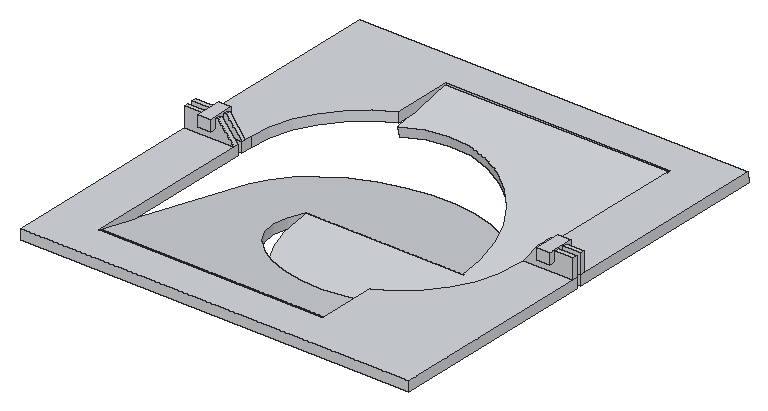
Revit family "Panel Juan-R1", category Generic Models, host Ceiling, Revit 2021
Family settings
  Host = Ceiling
  Can host rebar = No
  Round Connector Dimension = Use Diameter
  Part Type = Normal
  Always vertical = Yes
  Cut with Voids When Loaded = Yes
  Shared = No
  Room Calculation Point = No
Parameters
  width = 1' - 11 3/4"
  height = 0' - 0 77/128"
  Length = 2' - 2"
  Default Elevation = 0' - 0"
Reference planes (in)
  plane 1 "Center (Front/Back)": y = 0
  plane 2 "Ceiling": z = 96
  plane 3 "Center (Left/Right)": x = 0
  plane 4: z = 95.39844
  plane 5: y = 13
  plane 6: y = -13
  plane 7: x = -11.875
  plane 8: x = 11.875
  plane 9: z = 94.79688
  plane 10: y = 0
  plane 11: z = 97.80469
  plane 12: y = 0.15
  plane 13: y = -0.15
  plane 14: z = 97.20312
  plane 15: z = 96.60156
  plane 16: z = 97.26312
Forms (in)
  Blend 1, solid
    base sketch origin (0, 0, 96.60156) x (1, 0, 0) y (0, 1, 0)
      loop
        line (-11.875, -0.14922) -> (-11.875, -13) -> (11.875, -13) -> (11.875, -0.14922) -> (8.87036, -0.14922) -> (8.87036, -0.87595)
        arc (8.87036, -0.87595) -> (7.77122, -4.60515) -> (4.82522, -7.1421) r 6.87588
        line (4.82522, -7.1421) -> (4.82522, -10.76897) -> (-8.87036, -10.76897) -> (-8.87036, -0.14922) -> (-11.875, -0.14922)
    top sketch origin (0, 0, 96.60156) x (1, 0, 0) y (0, 1, 0)
      loop
        line (8.87036, -0.14922) -> (8.87036, -0.87595)
        arc (8.87036, -0.87595) -> (7.77122, -4.60515) -> (4.82522, -7.1421) r 6.87588
        line (4.82522, -7.1421) -> (4.82522, -10.76897) -> (-8.87036, -10.76897) -> (-8.87036, -0.14922) -> (-11.875, -0.14922) -> (-11.875, -13) -> (11.875, -13) -> (11.875, -0.14922) -> (8.87036, -0.14922)
    from -1.20313 to -0.60156
  Blend 2, solid
    base sketch origin (0, 0, 96.60156) x (-1, 0, 0) y (0, -1, 0)
      loop
        line (-11.875, -0.15) -> (-11.875, -13) -> (11.875, -13) -> (11.875, -0.15) -> (8.87036, -0.15) -> (8.87036, -0.87595)
        arc (8.87036, -0.87595) -> (7.77122, -4.60515) -> (4.82522, -7.1421) r 6.87588
        line (4.82522, -7.1421) -> (4.82522, -10.76897) -> (-8.87036, -10.76897) -> (-8.87036, -0.15) -> (-11.875, -0.15)
    top sketch origin (0, 0, 96.60156) x (-1, 0, 0) y (0, -1, 0)
      loop
        line (8.87036, -0.15) -> (8.87036, -0.87595)
        arc (8.87036, -0.87595) -> (7.77122, -4.60515) -> (4.82522, -7.1421) r 6.87588
        line (4.82522, -7.1421) -> (4.82522, -10.76897) -> (-8.87036, -10.76897) -> (-8.87036, -0.15) -> (-11.875, -0.15) -> (-11.875, -13) -> (11.875, -13) -> (11.875, -0.15) -> (8.87036, -0.15)
    from -1.20313 to -0.60156
  Blend 3, solid
    base sketch origin (0, 0.00514, 94.24221) x (1, 0, 0) y (0, 0.976296, -0.21644)
      loop
        line (-4.80404, 0.1525) -> (4.84323, 0.1525)
        arc (4.84323, 0.1525) -> (-1.63226, 7.74228) -> (-8.87036, 0.87595) r 6.87588
        line (-8.87036, 0.87595) -> (-8.87036, -10.76897) -> (4.82522, -10.76897) -> (4.82522, -7.1421)
        arc (4.82522, -7.1421) -> (-2.15746, -6.35674) -> (-4.80404, 0.1525) r 6.87588
    top sketch origin (0, 0.00514, 94.24221) x (1, 0, 0) y (0, 0.976296, -0.21644)
      loop
        arc (4.85494, 0.27344) -> (-1.69294, 7.74521) -> (-8.87036, 0.87595) r 6.87588
        line (-8.87036, 0.87595) -> (-8.87036, -10.76897) -> (4.82522, -10.76897) -> (4.82522, -7.1421)
        arc (4.82522, -7.1421) -> (-2.20611, -6.31954) -> (-4.78464, 0.27344) r 6.87588
        line (-4.78464, 0.27344) -> (4.85494, 0.27344)
    from -0.60156 to -1.20313
  Blend 4, solid
    base sketch origin (0, -0.00514, 94.24221) x (-1, 0, 0) y (0, -0.976296, -0.21644)
      loop
        line (-4.80404, 0.1525) -> (4.84323, 0.1525)
        arc (4.84323, 0.1525) -> (-1.63226, 7.74228) -> (-8.87036, 0.87595) r 6.87588
        line (-8.87036, 0.87595) -> (-8.87036, -10.76897) -> (4.82522, -10.76897) -> (4.82522, -7.1421)
        arc (4.82522, -7.1421) -> (-2.15746, -6.35674) -> (-4.80404, 0.1525) r 6.87588
    top sketch origin (0, -0.00514, 94.24221) x (-1, 0, 0) y (0, -0.976296, -0.21644)
      loop
        arc (4.85494, 0.27344) -> (-1.69294, 7.74521) -> (-8.87036, 0.87595) r 6.87588
        line (-8.87036, 0.87595) -> (-8.87036, -10.76897) -> (4.82522, -10.76897) -> (4.82522, -7.1421)
        arc (4.82522, -7.1421) -> (-2.20611, -6.31954) -> (-4.78464, 0.27344) r 6.87588
        line (-4.78464, 0.27344) -> (4.85494, 0.27344)
    from -0.60156 to -1.20313
  Extrusion 5, solid
    sketch origin (0, 0, 0) x (1, 0, 0) y (0, 1, 0)
      loop
        line (-10.7551, 0.80253) -> (-10.7551, -0.80253) -> (-10.0051, -0.80253) -> (-10.0051, 0.80253) -> (-10.7551, 0.80253)
    from 96.60156 to 97.26312
  Extrusion 6, solid
    sketch origin (20.74536, 0, 0) x (1, 0, 0) y (0, 1, 0)
      loop
        line (-10.7551, 0.80253) -> (-10.7551, -0.80253) -> (-10.0051, -0.80253) -> (-10.0051, 0.80253) -> (-10.7551, 0.80253)
    from 96.60156 to 97.26312
  Blend 7, solid
    base sketch origin (0, 0, 0) x (-1, 0, 0) y (0, -1, 0)
      loop
        line (-11.875, -0.45) -> (-8.87036, -0.45) -> (-8.87036, -0.15) -> (-11.875, -0.15) -> (-11.875, -0.45)
    top sketch origin (0, 0, 0) x (-1, 0, 0) y (0, -1, 0)
      loop
        line (-9.84182, -0.45) -> (-9.84182, -0.15) -> (-11.875, -0.15) -> (-11.875, -0.45) -> (-9.84182, -0.45)
    from 96 to 97.20312
  Blend 8, solid
    base sketch origin (0, -0.59922, 0) x (-1, 0, 0) y (0, -1, 0)
      loop
        line (-11.875, -0.45) -> (-8.87036, -0.45) -> (-8.87036, -0.15) -> (-11.875, -0.15) -> (-11.875, -0.45)
    top sketch origin (0, -0.59922, 0) x (-1, 0, 0) y (0, -1, 0)
      loop
        line (-9.84182, -0.45) -> (-9.84182, -0.15) -> (-11.875, -0.15) -> (-11.875, -0.45) -> (-9.84182, -0.45)
    from 96 to 97.20312
  Blend 9, solid
    base sketch origin (0, 0, 0) x (1, 0, 0) y (0, 1, 0)
      loop
        line (-11.875, 0.45) -> (-11.875, 0.15) -> (-8.87036, 0.15) -> (-8.87036, 0.45) -> (-11.875, 0.45)
    top sketch origin (0, 0, 0) x (1, 0, 0) y (0, 1, 0)
      loop
        line (-9.84182, 0.45) -> (-11.875, 0.45) -> (-11.875, 0.15) -> (-9.84182, 0.15) -> (-9.84182, 0.45)
    from 96 to 97.20312
  Blend 10, solid
    base sketch origin (0, -0.59922, 0) x (1, 0, 0) y (0, 1, 0)
      loop
        line (-11.875, 0.45) -> (-11.875, 0.15) -> (-8.87036, 0.15) -> (-8.87036, 0.45) -> (-11.875, 0.45)
    top sketch origin (0, -0.59922, 0) x (1, 0, 0) y (0, 1, 0)
      loop
        line (-9.84182, 0.45) -> (-11.875, 0.45) -> (-11.875, 0.15) -> (-9.84182, 0.15) -> (-9.84182, 0.45)
    from 96 to 97.20312
Dimensions and locks (in)
  equal spacing: host sketch curve, plane 3 "Center (Left/Right)", host sketch curve
  equal spacing: host sketch curve, plane 1 "Center (Front/Back)", host sketch curve
  host sketch curve to host sketch curve = 10' - 0"  (x2)
  "Length": plane 5 to plane 6
  "width": plane 7 to plane 8
  "height": plane 2 "Ceiling" to plane 4 to plane 9
Automatic sketch dimensions
  Blend 1 sketch curve to plane 6 = 0' - 0"  (x2)
  Blend 1 sketch curve to plane 7 = 0' - 0"  (x2)
  Blend 1 sketch curve to plane 8 = 0' - 0"  (x2)
  plane 7 to Blend 1 sketch curve = 0' - 3.00464"  (x2)
  plane 3 "Center (Left/Right)" to Blend 1 sketch curve = 0' - 1.99448"  (x2)
  plane 3 "Center (Left/Right)" to Blend 1 sketch curve = 0' - 4.82522"  (x2)
  Blend 1 sketch curve to plane 13 = 0' - 0.00078"  (x4)
  Blend 1 sketch curve to plane 8 = 0' - 3.00464"  (x2)
  plane 6 to Blend 1 sketch curve = 0' - 2.23103"  (x2)
  Blend 1 sketch curve to Blend 1 sketch curve = 0' - 3.62687"  (x2)
  Blend 2 sketch curve to plane 5 = 0' - 0"  (x2)
  Blend 2 sketch curve to plane 8 = 0' - 0"  (x2)
  plane 12 to Blend 2 sketch curve = 0' - 0"  (x4)
  Blend 2 sketch curve to plane 7 = 0' - 0"  (x2)
  Blend 2 sketch curve to plane 8 = 0' - 3.00464"  (x2)
  Blend 2 sketch curve to plane 3 "Center (Left/Right)" = 0' - 1.99448"  (x2)
  Blend 2 sketch curve to plane 3 "Center (Left/Right)" = 0' - 4.82522"  (x2)
  plane 7 to Blend 2 sketch curve = 0' - 3.00464"
  Blend 2 sketch curve to plane 5 = 0' - 2.23103"  (x2)
  Blend 2 sketch curve to Blend 2 sketch curve = 0' - 3.62687"  (x2)
  Blend 2 sketch curve to Blend 2 sketch curve = 0' - 3.00464"
  plane 7 to Blend 3 sketch curve = 0' - 3.00464"  (x2)
  Blend 3 sketch curve to Blend 3 sketch curve = 0' - 4.06632"
  Blend 3 sketch curve to plane 3 "Center (Left/Right)" = 0' - 1.99448"  (x2)
  plane 3 "Center (Left/Right)" to Blend 3 sketch curve = 0' - 1.99448"  (x2)
  plane 3 "Center (Left/Right)" to Blend 3 sketch curve = 0' - 4.82522"  (x2)
  Blend 3 sketch curve to Blend 3 sketch curve = 0' - 2.84874"
  Blend 3 sketch curve to Blend 3 sketch curve = 0' - 3.62687"  (x2)
  Blend 3 sketch curve to Blend 3 sketch curve = 0' - 6.26615"  (x2)
  Blend 3 sketch curve to Blend 3 sketch curve = 0' - 4.08572"
  Blend 3 sketch curve to Blend 3 sketch curve = 0' - 2.86046"
  Blend 4 sketch curve to plane 8 = 0' - 3.00464"  (x2)
  Blend 4 sketch curve to Blend 4 sketch curve = 0' - 4.06632"
  plane 3 "Center (Left/Right)" to Blend 4 sketch curve = 0' - 1.99448"  (x2)
  Blend 4 sketch curve to plane 3 "Center (Left/Right)" = 0' - 1.99448"  (x2)
  Blend 4 sketch curve to plane 3 "Center (Left/Right)" = 0' - 4.82522"  (x2)
  Blend 4 sketch curve to Blend 4 sketch curve = 0' - 2.84874"
  Blend 4 sketch curve to Blend 4 sketch curve = 0' - 3.62687"  (x2)
  Blend 4 sketch curve to Blend 4 sketch curve = 0' - 6.26615"  (x2)
  Blend 4 sketch curve to Blend 4 sketch curve = 0' - 4.08572"
  Blend 4 sketch curve to Blend 4 sketch curve = 0' - 2.86046"
  plane 7 to Extrusion 5 sketch curve = 0' - 1.1199"
  Extrusion 5 sketch curve to Extrusion 5 sketch curve = 0' - 0 3/4"
  plane 13 to Extrusion 5 sketch curve = 0' - 0.65253"
  Extrusion 5 sketch curve to plane 12 = 0' - 0.65253"
  plane 13 to Extrusion 6 sketch curve = 0' - 0.65253"
  Extrusion 6 sketch curve to plane 8 = 0' - 1.88474"
  Extrusion 6 sketch curve to Extrusion 6 sketch curve = 0' - 0 3/4"
  Extrusion 6 sketch curve to plane 12 = 0' - 0.65253"
  Blend 7 sketch curve to plane 8 = 0' - 0"  (x2)
  plane 12 to Blend 7 sketch curve = 0' - 0"  (x2)
  Blend 7 sketch curve to Blend 7 sketch curve = 0' - 3.00464"
  Blend 7 sketch curve to plane 12 = 0' - 0.3"  (x2)
  Blend 7 sketch curve to Blend 7 sketch curve = 0' - 2.03318"
  Blend 8 sketch curve to plane 8 = 0' - 0"  (x2)
  plane 13 to Blend 8 sketch curve = 0' - 0.29922"  (x2)
  Blend 8 sketch curve to Blend 8 sketch curve = 0' - 3.00464"
  Blend 8 sketch curve to plane 13 = 0' - 0.00078"  (x2)
  Blend 8 sketch curve to Blend 8 sketch curve = 0' - 2.03318"
  Blend 9 sketch curve to plane 7 = 0' - 0"  (x2)
  plane 12 to Blend 9 sketch curve = 0' - 0"  (x2)
  Blend 9 sketch curve to Blend 9 sketch curve = 0' - 3.00464"
  Blend 9 sketch curve to plane 12 = 0' - 0.3"  (x2)
  Blend 9 sketch curve to Blend 9 sketch curve = 0' - 2.03318"
  Blend 10 sketch curve to plane 7 = 0' - 0"  (x2)
  plane 13 to Blend 10 sketch curve = 0' - 0.29922"  (x2)
  Blend 10 sketch curve to Blend 10 sketch curve = 0' - 3.00464"
  Blend 10 sketch curve to plane 13 = 0' - 0.00078"  (x2)
  Blend 10 sketch curve to Blend 10 sketch curve = 0' - 2.03318"
